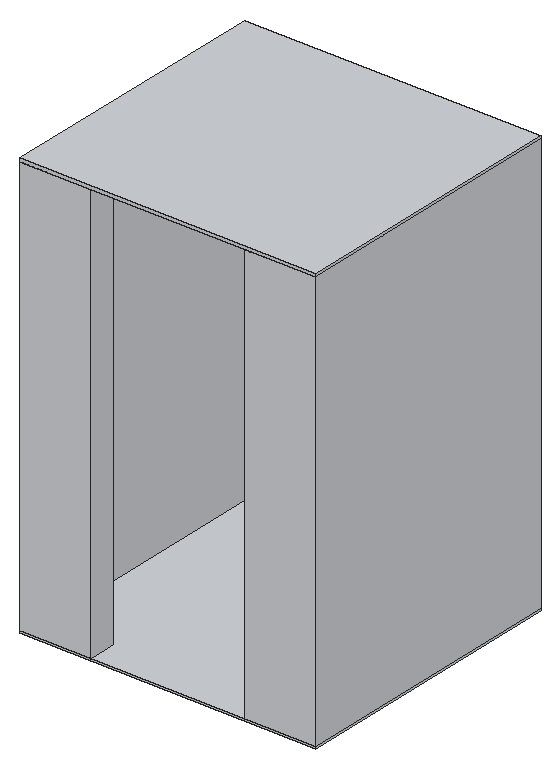
Revit family "Car structure.0002 2022", category Generic Models, Revit 2022
Family settings
  Can host rebar = No
  Round Connector Dimension = Use Diameter
  Part Type = Normal
  Work Plane-Based = No
  Always vertical = Yes
  Cut with Voids When Loaded = No
  Maintain Annotation Orientation = No
  Shared = No
  Room Calculation Point = No
Parameters
  overall width = 2100 mm
  overall depth = 2000 mm
  car wall panel height = 3000 mm
  car platform height = 10 mm
  Weight Load Capacity = Car_Mass + MaxDecorWeight + RatedLoad  # 2260
  TravelHeight = 25000 mm
  SlungDirection = "under slung"
  RopeCount = 3
  RatedSpeed = 1.0 m/s
  RatedLoad = 980
  CapacityPeople = 13
  Model = "BCA 990"
  MaxDecorWeight = 200
  Lift Type = "Passenger Lift, Fire Lift"
  Lift Number = "PL1"
  Lift Car Wall Panel Thickness = 50 mm
  Lift Car Opening Depth = 200 mm
  Fire Safety Provision = yes
  Entrance Height = 2100 mm
  Entrance = 1100 mm
  Default Elevation = 0 mm
  ControlDevice_OperableDistance = 500
  ClearWidth = overall width - 2 * Lift Car Wall Panel Thickness  # 2000 mm
  ClearHeight = 2990 mm
  ClearDepth = overall depth - Lift Car Wall Panel Thickness - Lift Car Opening Depth  # 1750 mm
  Car_Mass = 1080
  Brand Name = "BCA"
  BarrierFreeAccessibility = yes
Reference planes
  plane 1 "Center (Front/Back)": y = 0
  plane 2: z = 0
  plane 3 "Center (Left/Right)": x = 0
Forms (mm)
  Extrusion 1, solid
    sketch origin (0, 0, 0) x (1, 0, 0) y (0, 1, 0)
      loop
        line (1050, 0) -> (1050, 2000) -> (-1050, 2000) -> (-1050, 0) -> (1050, 0)
    from 0 to 10 <- "car platform height"
  Extrusion 2, solid
    sketch origin (0, 0, 0) x (1, 0, 0) y (0, 1, 0)
      loop
        line (-1050, 2000) -> (-1050, 0) -> (-550, 0) -> (-550, 200) -> (-1000, 200) -> (-1000, 1950) -> (1000, 1950) -> (1000, 200) -> (550, 200) -> (550, 0) -> (1050, 0) -> (1050, 2000) -> (-1050, 2000)
    from 10 <- "car platform height" to 3000 <- "car wall panel height"
  Extrusion 3, solid
    sketch origin (0, 0, 3000) x (1, 0, 0) y (0, 1, 0)
      loop
        line (1050, 0) -> (1050, 2000) -> (-1050, 2000) -> (-1050, 0) -> (1050, 0)
    from 20 to 0
Dimensions and locks
  equal spacing: Extrusion 1 sketch curve, plane 3 "Center (Left/Right)", Extrusion 1 sketch curve
  "overall depth": Extrusion 1 sketch curve to plane 1 "Center (Front/Back)"
  "overall width": Extrusion 1 sketch curve to Extrusion 1 sketch curve
  equal spacing: Extrusion 2 sketch curve, plane 3 "Center (Left/Right)", Extrusion 2 sketch curve
  "Entrance": Extrusion 2 sketch curve to Extrusion 2 sketch curve  (x2)
  "Lift Car Opening Depth": plane 1 "Center (Front/Back)" to Extrusion 2 sketch curve  (x2)
  equal spacing: Extrusion 1, plane 3 "Center (Left/Right)", Extrusion 1
  "overall width": Extrusion 1 to Extrusion 1
  "overall depth": Extrusion 1 to plane 1 "Center (Front/Back)"
  "Lift Car Wall Panel Thickness": Extrusion 1 to Extrusion 2 sketch curve  (x2)
  "Lift Car Wall Panel Thickness": Extrusion 2 sketch curve to Extrusion 1
  "overall depth": plane 1 "Center (Front/Back)" to Extrusion 2 sketch curve
  "ClearHeight": Extrusion 3 to Extrusion 1
  aligned and locked: level to plane 2
Automatic sketch dimensions
  Extrusion 3 sketch curve to Extrusion 2 = 0 mm  (x3)
  Extrusion 2 to Extrusion 3 sketch curve = 0 mm
  plane 1 "Center (Front/Back)" to Extrusion 1 sketch curve = 0 mm
  plane 1 "Center (Front/Back)" to Extrusion 2 sketch curve = 0 mm  (x2)
  Extrusion 2 sketch curve to Extrusion 2 sketch curve = 50 mm  (x2)
